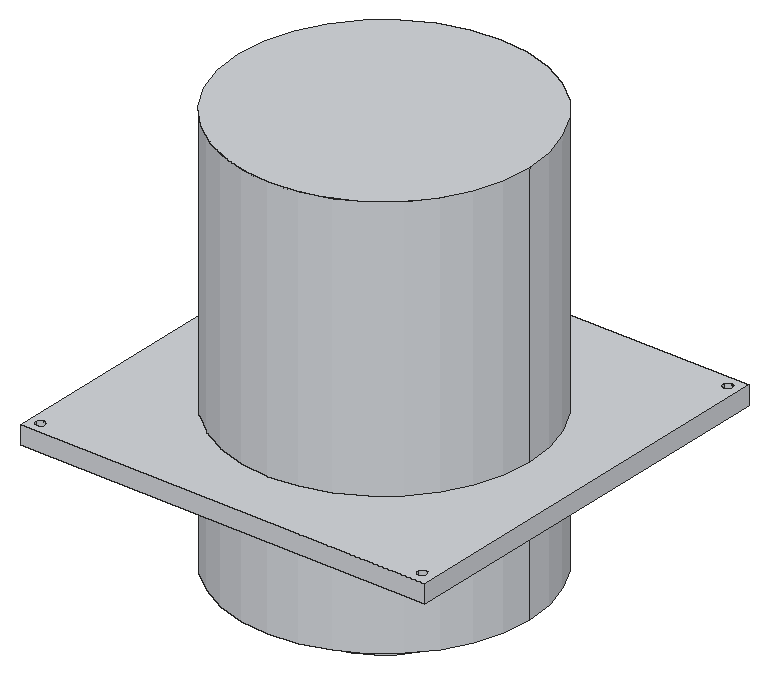
Revit family "PTO4", category Generic Models, host Face, Revit 2019
Family settings
  Host = Face
  Can host rebar = No
  Round Connector Dimension = Use Diameter
  Part Type = Normal
  Cut with Voids When Loaded = No
  Shared = No
  Room Calculation Point = No
Parameters
  Default Elevation = 48.00"
Reference planes (in)
  plane 1 "Center (Front/Back)": y = 0
  plane 2: z = 0
  plane 3 "Center (Left/Right)": x = 0
Forms (in)
  Extrusion 1, solid
    sketch origin (0, 0, 0) x (1, 0, 0) y (0, 1, 0)
      loop
        line (-5.5625, 5.5625) -> (-5.5625, -5.5625) -> (5.5625, -5.5625) -> (5.5625, 5.5625) -> (-5.5625, 5.5625)
      loop
        circle (5.25, 5.25) r 0.125
      loop
        circle (-5.25, 5.25) r 0.125
      loop
        circle (-5.25, -5.25) r 0.125
      loop
        circle (5.25, -5.25) r 0.125
    from 0 to 0.5
  Extrusion 2, solid
    sketch origin (0, 0, 0) x (1, 0, 0) y (0, 1, 0)
      loop
        circle (0, 0) r 4
    from 0.5 to 7.75
  Extrusion 3, solid
    sketch origin (0, 0, 0) x (1, 0, 0) y (0, 1, 0)
      loop
        circle (0, 0) r 4
    from 0 to -3.38
  Extrusion 4, solid
    sketch origin (0, 0, 0) x (1, 0, 0) y (0, 1, 0)
      loop
        circle (0, 0) r 2.5
    from -3.38 to -4.25
Dimensions and locks (in)
  aligned and locked: plane 2 to host face
  aligned and locked: level to host face
Connectors (in)
  hvac at (0, 0, -4.25)
    settings: on Extrusion 4, index 1, duct flow 0 CFM, flow factor 0, pres drop 0.00 in-wg, loss coef 0, conn angle 0.00°, conn width 12", conn height 12", conn diameter 5", duct sys type 1, conn prof type 0, flow config 0, flow direction 0, loss method 0, conn ref index -1, conn util no, is conn primary yes, conn desc ""
